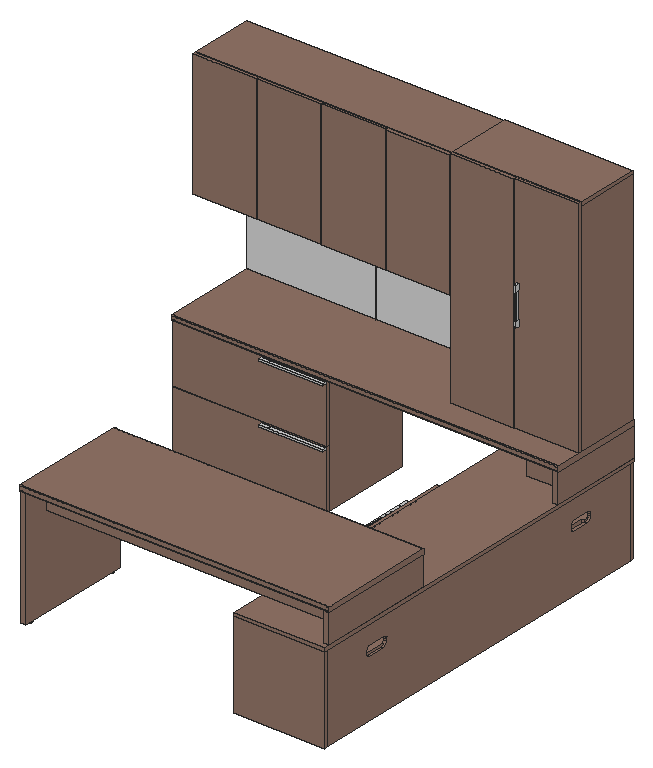
Revit family "FLV016", category Furniture, Revit 2015 (continued)
Definition of nested family "JSI-Flux- 21H_File_Strg_Crednz"
  Forms (in)
    Extrusion 18, void
      sketch origin (0, 0, 0) x (1, 0, 0) y (0, 0, 1)
        loop
          line (-43.06413, 15.125) -> (-43.06413, 14.625)
          arc (-43.06413, 14.625) -> (-42.77124, 13.91789) -> (-42.06413, 13.625) r 1
          line (-42.06413, 13.625) -> (-38.06413, 13.625)
          arc (-38.06413, 13.625) -> (-37.35703, 13.91789) -> (-37.06413, 14.625) r 1
          line (-37.06413, 14.625) -> (-37.06413, 15.125)
          arc (-37.06413, 15.125) -> (-37.35703, 15.83211) -> (-38.06413, 16.125) r 1
          line (-38.06413, 16.125) -> (-42.06413, 16.125)
      from -10.75 to -9.875
    Extrusion 19, solid, material <- "Door Front", visible <- "C_Doors"
      sketch origin (0, 0, 0) x (1, 0, 0) y (0, 1, 0)
        loop
          line (-3.4808, -10.375) -> (-3.4808, -11.125) -> (27.35253, -11.125) -> (27.35253, -10.375) -> (-3.4808, -10.375)
      from 0.4375 to 14
    Extrusion 20, solid, material <- "Door Front", visible <- "C_Doors"
      sketch origin (0, 0, 0) x (1, 0, 0) y (0, 1, 0)
        loop
          line (-3.4808, -10.375) -> (-3.4808, -11.125) -> (27.35253, -11.125) -> (27.35253, -10.375) -> (-3.4808, -10.375)
      from 14.125 to 21.125
    Extrusion 21, solid, material <- "Door Front", visible <- "Door"
      sketch origin (0, 0, 0) x (1, 0, 0) y (0, 0, 1)
        loop
          line (-35.93913, 14) -> (-35.93913, 0.4375) -> (-3.6058, 0.4375) -> (-3.6058, 14) -> (-35.93913, 14)
      from 10.375 to 11.125
    Extrusion 22, solid, material <- "Door Front", visible <- "Top Doors"
      sketch origin (0, 0, -6.5625) x (1, 0, 0) y (0, 0, 1)
        loop
          line (-35.93913, 27.6875) -> (-35.93913, 20.6875) -> (-3.6058, 20.6875) -> (-3.6058, 27.6875) -> (-35.93913, 27.6875)
      from 10.375 to 11.125
    Extrusion 23, solid, material <- "Door Front", visible <- "Door"
      sketch origin (63.41667, 0, 0) x (1, 0, 0) y (0, 0, 1)
        loop
          line (-35.93913, 14) -> (-35.93913, 0.4375) -> (-3.6058, 0.4375) -> (-3.6058, 14) -> (-35.93913, 14)
      from 10.375 to 11.125
    Extrusion 24, solid, material <- "Door Front", visible <- "Top Doors"
      sketch origin (63.41667, 0, -6.5625) x (1, 0, 0) y (0, 0, 1)
        loop
          line (-35.93913, 27.6875) -> (-35.93913, 20.6875) -> (-3.6058, 20.6875) -> (-3.6058, 27.6875) -> (-35.93913, 27.6875)
      from 10.375 to 11.125
    Extrusion 25, solid, material <- "Worksurface"
      sketch origin (0, 0, 0) x (0, 1, 0) y (0, 0, 1)
        loop
          line (10.75, 21.25) -> (-10.375, 21.25) -> (-10.375, 20.5) -> (10.75, 20.5) -> (10.75, 21.25)
      from -36.06413 to 59.93587
    Extrusion 26, solid, material <- "Shelf", visible <- "Ext_Shelf"
      sketch origin (0, 0, 0) x (1, 0, 0) y (0, 1, 0)
        loop
          line (59.12337, 9.875) -> (27.41503, 9.875) -> (27.41503, -8.125) -> (59.12337, -8.125) -> (59.12337, 9.875)
      from 13.25 to 14
    Extrusion 27, solid, material <- "Glides"
      sketch origin (0, 0, 0) x (1, 0, 0) y (0, 1, 0)
        loop
          circle (-34.25163, 8.6875) r 0.5
      from 0 to 0.3125
    Extrusion 28, solid, material <- "Glides", visible <- "Glide"
      sketch origin (0, 0, 0) x (1, 0, 0) y (0, 1, 0)
        loop
          circle (-3.5433, 8.6875) r 0.5
      from 0 to 0.3125
    Extrusion 29, solid, material <- "Glides", visible <- "Glide"
      sketch origin (0, 0, 0) x (1, 0, 0) y (0, 1, 0)
        loop
          circle (27.47753, 8.6875) r 0.5
      from 0 to 0.3125
    Extrusion 30, solid, material <- "Glides"
      sketch origin (0, 0, 0) x (1, 0, 0) y (0, 1, 0)
        loop
          circle (58.12337, 8.6875) r 0.5
      from 0 to 0.3125
    Extrusion 31, solid, material <- "Glides"
      sketch origin (0, 0, 0) x (1, 0, 0) y (0, 1, 0)
        loop
          circle (-34.25163, -9.375) r 0.5
      from 0 to 0.3125
    Extrusion 32, solid, material <- "Glides", visible <- "Glide"
      sketch origin (0, 0, 0) x (1, 0, 0) y (0, 1, 0)
        loop
          circle (-3.5433, -9.375) r 0.5
      from 0 to 0.3125
    Extrusion 33, solid, material <- "Glides", visible <- "Glide"
      sketch origin (0, 0, 0) x (1, 0, 0) y (0, 1, 0)
        loop
          circle (27.47753, -9.375) r 0.5
      from 0 to 0.3125
    Extrusion 34, solid, material <- "Glides"
      sketch origin (0, 0, 0) x (1, 0, 0) y (0, 1, 0)
        loop
          circle (58.12337, -9.375) r 0.5
      from 0 to 0.3125
  Cuts and joins
    Extrusion 14, Extrusion 18 cuts Extrusion 11
    Extrusion 16, Extrusion 17 cuts Extrusion 10
    Extrusion 16, Extrusion 17 cuts Extrusion 15
  Lines and regions (in)
    symbolic lines
      curve 1: line (59.93587, 10.75, 0) -> (-36.06413, 10.75, 0)
      curve 2: line (-36.06413, 10.75, 0) -> (-36.06413, -11.25, 0)
      curve 3: line (59.93587, -11.25, 0) -> (-36.06413, -11.25, 0)
      curve 4: line (59.93587, 10.75, 0) -> (59.93587, -11.25, 0)
    symbolic lines, detail levels medium+fine
      curve 5: line (-36.00163, 10.6875, 0) -> (-36.00163, -10.375, 0)
      curve 6: line (-35.25163, 10.6875, 0) -> (-36.00163, 10.6875, 0)
      curve 7: line (-35.25163, 10.6875, 0) -> (-35.25163, -10.375, 0)
      curve 8: line (-35.25163, -10.375, 0) -> (-36.00163, -10.375, 0)
      curve 9: line (59.12337, 10.6875, 0) -> (59.12337, -10.375, 0)
      curve 10: line (59.87337, 10.6875, 0) -> (59.87337, -10.375, 0)
      curve 11: line (59.87337, 10.6875, 0) -> (59.12337, 10.6875, 0)
      curve 12: line (59.12337, 10.625, 0) -> (-35.25163, 10.625, 0)
      curve 13: line (59.12337, 9.875, 0) -> (-35.25163, 9.875, 0)
      curve 30: line (59.87337, -10.375, 0) -> (59.12337, -10.375, 0)
    symbolic lines, visible <- "L1_Partition", detail levels medium+fine
      curve 14: line (-4.2933, 9.875, 0) -> (-4.2933, -10.375, 0)
      curve 15: line (-3.5433, 9.875, 0) -> (-3.5433, -10.375, 0)
      curve 16: line (-3.5433, 9.875, 0) -> (-4.2933, 9.875, 0)
      curve 17: line (-3.5433, -10.375, 0) -> (-4.2933, -10.375, 0)
    symbolic lines, visible <- "L2_Partition", detail levels medium+fine
      curve 18: line (-3.5433, 9.875, 0) -> (-3.5433, -10.375, 0)
      curve 19: line (-2.7933, 9.875, 0) -> (-2.7933, -10.375, 0)
      curve 20: line (-2.7933, 9.875, 0) -> (-3.5433, 9.875, 0)
      curve 21: line (-2.7933, -10.375, 0) -> (-3.5433, -10.375, 0)
    symbolic lines, visible <- "R1_Partition", detail levels medium+fine
      curve 22: line (26.66503, 9.875, 0) -> (26.66503, -10.375, 0)
      curve 23: line (27.41503, 9.875, 0) -> (27.41503, -10.375, 0)
      curve 24: line (27.41503, 9.875, 0) -> (26.66503, 9.875, 0)
      curve 25: line (27.41503, -10.375, 0) -> (26.66503, -10.375, 0)
    symbolic lines, visible <- "R2_Partition", detail levels medium+fine
      curve 26: line (27.41503, 9.875, 0) -> (27.41503, -10.375, 0)
      curve 27: line (28.16503, 9.875, 0) -> (28.16503, -10.375, 0)
      curve 28: line (28.16503, -10.375, 0) -> (27.41503, -10.375, 0)
      curve 29: line (28.16503, 9.875, 0) -> (27.41503, 9.875, 0)
  Dimensions and locks (in)
    plane 2 "Center (Left/Right)" to plane 5 to plane 49 = 0' - 0 1/16" locked, 0' - 0 1/16" locked
    plane 50 to plane 7 to plane 4 = 0' - 0 1/16" locked, 0' - 0 1/16" locked
    "Width": plane 2 "Center (Left/Right)" to plane 4
    equal spacing: plane 2 "Center (Left/Right)", plane 8, plane 4
    plane 14 to plane 13 to plane 9 to plane 6 to plane 3 "Center (Front/Back)" = 0' - 1 3/16" locked, 0' - 0 3/4" locked, 0' - 0 1/16" locked, 0' - 0 1/16" locked
    "Depth": plane 10 to plane 3 "Center (Front/Back)"
    plane 10 to plane 11 to plane 12 = 0' - 0 1/8" locked, 0' - 0 3/4" locked
    plane 16 to plane 15 to plane 13 = 0' - 0 1/2" locked, 0' - 3 3/8" locked
    locked: plane 17 to plane 13 at 4
    locked: plane 12 to plane 18 at 4
    locked: plane 12 to plane 19 at 2.25
    locked: plane 23 to plane 24 at 0.75
    plane 24 to plane 25 to plane 26 = 0' - 0 3/4" locked, 0' - 2" locked
    locked: plane 22 to plane 21 at 0.75
    locked: plane 28 to plane 29 at 0.75
    plane 30 to plane 32 to plane 51 = 0' - 0 3/4" locked, 0' - 0 3/4" locked
    plane 52 to plane 33 to plane 31 = 0' - 0 3/4" locked, 0' - 0 3/4" locked
    locked: plane 5 to plane 34 at 0.75
    locked: plane 35 to plane 7 at 0.75
    locked: plane 36 to plane 37 at 4
    equal spacing: plane 36, plane 8, plane 37
    locked: plane 38 to plane 13 at 1.4375
    locked: plane 39 to plane 27 at 2.5
    locked: plane 40 to plane 41 at 6
    locked: plane 42 to plane 43 at 6
    equal spacing: plane 42, plane 8, plane 43
    plane 45 to plane 44 to plane 13 = 0' - 2 1/2" locked, 0' - 0 1/2" locked
    locked: plane 47 to plane 20 at 0.125
    locked: plane 48 to plane 47 at 13.5625
    plane 53 to plane 32 to plane 54 = 0' - 0 1/16" locked, 0' - 0 1/16" locked
    plane 55 to plane 33 to plane 56 = 0' - 0 1/16" locked, 0' - 0 1/16" locked
    "Partition Dist": plane 34 to plane 30
    "Partition Dist": plane 31 to plane 35
    Extrusion 14 sketch curve to Extrusion 14 sketch curve = 0' - 6"
    "Shelf Width": plane 57 to plane 58
    group 1 to group 2 = 0' - 0"  (x3)
    "Shelf Array Dist": Extrusion 10 to Extrusion 15
    "Shelf Dist.": plane 2 "Center (Left/Right)" to Extrusion 10
    locked: plane 40 to plane 59 at 1
    locked: plane 60 to plane 41 at 1
    locked: plane 61 to plane 62 at 6
    locked: plane 61 to plane 63 at 1
    locked: plane 64 to plane 62 at 1
    "L_Socket Dist": plane 2 "Center (Left/Right)" to plane 40
    "R_Shocket Dist": plane 62 to plane 4
    "Shelf Width": Extrusion 10 sketch curve to Extrusion 10 sketch curve
    "Shelf Width": Extrusion 15 sketch curve to Extrusion 15 sketch curve
    "Door Height": Extrusion 21 sketch curve to Extrusion 21 sketch curve
    "Door Width": Extrusion 21 sketch curve to Extrusion 21 sketch curve
    "Door Width": Extrusion 22 sketch curve to Extrusion 22 sketch curve
    "Door Height": Extrusion 23 sketch curve to Extrusion 23 sketch curve
    "Door Width": Extrusion 23 sketch curve to Extrusion 23 sketch curve
    group 3 to group 4 = 5' - 3.41667"
    group 3 to group 4 = 0' - 0"  (x2)
    "Door Array Dist": Extrusion 21 to Extrusion 23
    "Door Dist": Extrusion 21 to plane 2 "Center (Left/Right)"
    "Door Width": Extrusion 24 sketch curve to Extrusion 24 sketch curve
    group 5 to group 6 = 5' - 3.41667"
    group 5 to group 6 = 0' - 0"  (x2)
    "Door Array Dist": Extrusion 22 to Extrusion 24
    "Door Dist": Extrusion 22 to plane 2 "Center (Left/Right)"
    locked: plane 49 to plane 65 at 1
    locked: plane 66 to plane 35 at 1
    locked: plane 12 to plane 67 at 1
    locked: plane 48 to plane 69 at 0.20312
    locked: plane 46 to plane 68 at 0.20313
    "L_Pull Dist": plane 2 "Center (Left/Right)" to plane 70
    "C_Pull Dist": plane 2 "Center (Left/Right)" to plane 71
    "R_Pull Dist": plane 2 "Center (Left/Right)" to plane 72
    equal spacing: plane 2 "Center (Left/Right)", plane 73, plane 4
    equal spacing: plane 12, plane 74, plane 6
    equal spacing: plane 2 "Center (Left/Right)", plane 75, plane 4
    locked: plane 21 to plane 20 at 1.1875
    "Ext_Shelf Width": Extrusion 26 sketch curve to Extrusion 26 sketch curve
    locked: plane 76 to plane 1 at 0.3125
    locked: plane 23 to plane 46 at 0.125
    locked: plane 46 to plane 77 at 7
    locked: plane 26 to plane 39 at 1.625
    "Height": plane 23 to plane 1
    locked: plane 34 to plane 78 at 1
    radius of Extrusion 27 sketch curve = 0' - 0 1/2"
    radius of Extrusion 28 sketch curve = 0' - 0 1/2"
    radius of Extrusion 29 sketch curve = 0' - 0 1/2"
    radius of Extrusion 30 sketch curve = 0' - 0 1/2"
    radius of Extrusion 31 sketch curve = 0' - 0 1/2"
    radius of Extrusion 32 sketch curve = 0' - 0 1/2"
    radius of Extrusion 33 sketch curve = 0' - 0 1/2"
    radius of Extrusion 34 sketch curve = 0' - 0 1/2"
    aligned and locked: level to plane 1
    aligned and locked: Extrusion 1 sketch curve to plane 5
    aligned and locked: Extrusion 1 sketch curve to plane 6
    aligned and locked: Extrusion 1 sketch curve to plane 34
    aligned and locked: Extrusion 1 sketch curve to plane 12
    aligned and locked: Extrusion 2 sketch curve to plane 35
    aligned and locked: Extrusion 2 sketch curve to plane 7
    aligned and locked: Extrusion 2 sketch curve to plane 6
    aligned and locked: Extrusion 2 sketch curve to plane 12
    aligned and locked: plane 24 to Extrusion 1
    aligned and locked: Extrusion 1 to plane 20
    aligned and locked: plane 24 to Extrusion 2
    aligned and locked: Extrusion 2 to plane 20
    aligned and locked: plane 25 to Extrusion 3 sketch curve
    aligned and locked: plane 24 to Extrusion 3 sketch curve
    aligned and locked: plane 16 to Extrusion 3 sketch curve
    aligned and locked: plane 12 to Extrusion 3 sketch curve
    aligned and locked: Extrusion 3 to plane 34
    aligned and locked: plane 35 to Extrusion 3
    aligned and locked: plane 22 to Extrusion 4 sketch curve
    aligned and locked: plane 21 to Extrusion 4 sketch curve
    aligned and locked: plane 13 to Extrusion 4 sketch curve
    aligned and locked: plane 12 to Extrusion 4 sketch curve
    aligned and locked: Extrusion 4 to plane 34
    aligned and locked: plane 35 to Extrusion 4
    aligned and locked: plane 25 to Extrusion 5 sketch curve
    aligned and locked: plane 15 to Extrusion 5 sketch curve
    aligned and locked: plane 26 to Extrusion 5 sketch curve
    aligned and locked: plane 13 to Extrusion 5 sketch curve
    aligned and locked: plane 22 to Extrusion 5 sketch curve
    aligned and locked: plane 12 to Extrusion 5 sketch curve
    aligned and locked: Extrusion 5 to plane 30
    aligned and locked: plane 32 to Extrusion 5
    aligned and locked: plane 25 to Extrusion 6 sketch curve
    aligned and locked: plane 12 to Extrusion 6 sketch curve
    aligned and locked: plane 15 to Extrusion 6 sketch curve
    aligned and locked: plane 26 to Extrusion 6 sketch curve
    aligned and locked: plane 13 to Extrusion 6 sketch curve
    aligned and locked: plane 22 to Extrusion 6 sketch curve
    aligned and locked: plane 31 to Extrusion 6
    aligned and locked: Extrusion 6 to plane 33
    aligned and locked: plane 14 to Extrusion 7 sketch curve
    aligned and locked: plane 13 to Extrusion 7 sketch curve
    aligned and locked: plane 24 to Extrusion 7 sketch curve
    aligned and locked: plane 26 to Extrusion 7 sketch curve
    aligned and locked: Extrusion 7 to plane 34
    aligned and locked: plane 35 to Extrusion 7
    aligned and locked: plane 13 to Extrusion 8 sketch curve
    aligned and locked: plane 17 to Extrusion 8 sketch curve
    aligned and locked: plane 20 to Extrusion 8 sketch curve
    aligned and locked: plane 21 to Extrusion 8 sketch curve
    aligned and locked: plane 18 to Extrusion 9 sketch curve
    aligned and locked: plane 12 to Extrusion 9 sketch curve
    aligned and locked: plane 21 to Extrusion 9 sketch curve
    aligned and locked: plane 20 to Extrusion 9 sketch curve
    aligned and locked: Extrusion 8 to plane 34
    aligned and locked: Extrusion 9 to plane 34
    aligned and locked: plane 35 to Extrusion 8
    aligned and locked: plane 35 to Extrusion 9
    aligned and locked: plane 28 to Extrusion 10
    aligned and locked: Extrusion 11 sketch curve to plane 9
    aligned and locked: Extrusion 11 sketch curve to plane 13
    aligned and locked: Extrusion 11 sketch curve to plane 34
    aligned and locked: Extrusion 11 sketch curve to plane 35
    aligned and locked: Extrusion 11 to plane 20
    aligned and locked: plane 24 to Extrusion 11
    aligned and locked: plane 25 to Extrusion 12 sketch curve
    aligned and locked: plane 12 to Extrusion 12 sketch curve
    aligned and locked: plane 13 to Extrusion 12 sketch curve
    aligned and locked: plane 22 to Extrusion 12 sketch curve
    aligned and locked: plane 15 to Extrusion 12 sketch curve
    aligned and locked: plane 26 to Extrusion 12 sketch curve
    aligned and locked: Extrusion 12 to plane 32
    aligned and locked: plane 51 to Extrusion 12
    aligned and locked: plane 25 to Extrusion 13 sketch curve
    aligned and locked: plane 12 to Extrusion 13 sketch curve
    aligned and locked: plane 13 to Extrusion 13 sketch curve
    aligned and locked: plane 22 to Extrusion 13 sketch curve
    aligned and locked: plane 15 to Extrusion 13 sketch curve
    aligned and locked: plane 26 to Extrusion 13 sketch curve
    aligned and locked: plane 33 to Extrusion 13
    aligned and locked: Extrusion 13 to plane 52
    aligned and locked: Extrusion 14 to plane 3 "Center (Front/Back)"
    aligned and locked: plane 13 to Extrusion 14
    aligned and locked: cut or joined group of Extrusion 11, Extrusion 14, Extrusion 18 to plane 40
    aligned and locked: plane 41 to cut or joined group of Extrusion 11, Extrusion 14, Extrusion 18
    aligned and locked: Extrusion 16 sketch curve to plane 3 "Center (Front/Back)"
    aligned and locked: Extrusion 16 sketch curve to plane 44
    aligned and locked: Extrusion 16 sketch curve to plane 59
    aligned and locked: Extrusion 16 sketch curve to plane 60
    aligned and locked: plane 28 to Extrusion 16
    aligned and locked: Extrusion 16 to plane 29
    aligned and locked: Extrusion 17 sketch curve to plane 63
    aligned and locked: Extrusion 17 sketch curve to plane 64
    aligned and locked: Extrusion 17 sketch curve to plane 3 "Center (Front/Back)"
    aligned and locked: Extrusion 17 sketch curve to plane 44
    aligned and locked: Extrusion 18 sketch curve to plane 39
    aligned and locked: Extrusion 18 sketch curve to plane 27
    aligned and locked: Extrusion 18 sketch curve to plane 61
    aligned and locked: Extrusion 18 sketch curve to plane 62
    aligned and locked: Extrusion 18 to plane 3 "Center (Front/Back)"
    aligned and locked: plane 13 to Extrusion 18
    aligned and locked: Extrusion 19 sketch curve to plane 54
    aligned and locked: Extrusion 19 sketch curve to plane 55
    aligned and locked: Extrusion 19 sketch curve to plane 12
    aligned and locked: Extrusion 19 sketch curve to plane 11
    aligned and locked: Extrusion 20 sketch curve to plane 54
    aligned and locked: Extrusion 20 sketch curve to plane 55
    aligned and locked: Extrusion 20 sketch curve to plane 12
    aligned and locked: Extrusion 20 sketch curve to plane 11
    aligned and locked: plane 46 to Extrusion 20
    aligned and locked: Extrusion 19 to plane 47
    aligned and locked: Extrusion 22 to plane 12
    aligned and locked: Extrusion 21 to plane 12
    aligned and locked: plane 11 to Extrusion 22
    aligned and locked: plane 11 to Extrusion 21
    aligned and locked: plane 46 to Extrusion 22
    aligned and locked: plane 46 to Extrusion 24
    aligned and locked: Extrusion 21 to plane 47  (x3)
    aligned and locked: plane 3 "Center (Front/Back)" to Extrusion 25 sketch curve
    aligned and locked: plane 23 to Extrusion 25 sketch curve
    aligned and locked: plane 24 to Extrusion 25 sketch curve
    aligned and locked: Extrusion 25 to plane 2 "Center (Left/Right)"
    aligned and locked: plane 4 to Extrusion 25
    aligned and locked: curve 1 to plane 3 "Center (Front/Back)"
    aligned and locked: curve 2 to plane 2 "Center (Left/Right)"
    aligned and locked: curve 3 to plane 10
    aligned and locked: curve 4 to plane 4
    aligned and locked: plane 68 to nested 1
    aligned and locked: plane 70 to nested 1
    aligned and locked: plane 69 to nested 2
    aligned and locked: plane 70 to nested 2
    aligned and locked: plane 71 to nested 3
    aligned and locked: plane 71 to nested 4
    aligned and locked: plane 69 to nested 4
    aligned and locked: plane 68 to nested 3
    aligned and locked: nested 5 to plane 72
    aligned and locked: nested 6 to plane 72
    aligned and locked: plane 69 to nested 6
    aligned and locked: plane 68 to nested 5
    aligned and locked: plane 11 to nested 1
    aligned and locked: plane 11 to nested 3
    aligned and locked: plane 11 to nested 5
    aligned and locked: plane 11 to nested 2
    aligned and locked: plane 11 to nested 4
    aligned and locked: plane 11 to nested 6
    aligned and locked: plane 10 to nested 7
    aligned and locked: plane 73 to nested 7
    aligned and locked: curve 5 to plane 5
    aligned and locked: curve 6 to plane 6
    aligned and locked: curve 7 to plane 34
    aligned and locked: curve 8 to plane 12
    aligned and locked: curve 9 to plane 35
    aligned and locked: curve 10 to plane 7
    aligned and locked: curve 11 to plane 6
    aligned and locked: plane 34 to curve 12
    aligned and locked: plane 35 to curve 12
    aligned and locked: plane 35 to curve 13
    aligned and locked: curve 14 to plane 30
    aligned and locked: curve 15 to plane 32
    aligned and locked: curve 16 to plane 13
    aligned and locked: curve 17 to plane 12
    aligned and locked: curve 19 to plane 51
    aligned and locked: curve 20 to plane 13
    aligned and locked: curve 21 to plane 12
    aligned and locked: curve 22 to plane 52
    aligned and locked: curve 24 to plane 13
    aligned and locked: curve 25 to plane 12
    aligned and locked: curve 26 to plane 33
    aligned and locked: curve 27 to plane 31
    aligned and locked: curve 28 to plane 12
    aligned and locked: curve 29 to plane 13
    aligned and locked: plane 48 to Extrusion 19
    aligned and locked: Extrusion 23 to plane 47  (x2)
    aligned and locked: plane 28 to Extrusion 15
    aligned and locked: plane 28 to plane 48
    aligned and locked: plane 28 to Extrusion 17
    aligned and locked: Extrusion 17 to plane 29
    aligned and locked: Extrusion 26 sketch curve to plane 13
    aligned and locked: Extrusion 26 sketch curve to plane 35
    aligned and locked: Extrusion 26 sketch curve to plane 19
    aligned and locked: plane 48 to Extrusion 26
    aligned and locked: Extrusion 26 to plane 29
    aligned and locked: Extrusion 22 to plane 77
    aligned and locked: Extrusion 20 to plane 77
    aligned and locked: plane 12 to Extrusion 25 sketch curve
    aligned and locked: Extrusion 27 to plane 1
    aligned and locked: Extrusion 31 to plane 1
    aligned and locked: plane 76 to Extrusion 27
    aligned and locked: plane 76 to Extrusion 31
    aligned and locked: Extrusion 28 to plane 1
    aligned and locked: Extrusion 32 to plane 1
    aligned and locked: plane 76 to Extrusion 28
    aligned and locked: plane 76 to Extrusion 32
    aligned and locked: Extrusion 29 to plane 1
    aligned and locked: Extrusion 33 to plane 1
    aligned and locked: plane 76 to Extrusion 29
    aligned and locked: plane 76 to Extrusion 33
    aligned and locked: plane 1 to Extrusion 30
    aligned and locked: plane 1 to Extrusion 34
    aligned and locked: plane 20 to Extrusion 30
    aligned and locked: plane 20 to Extrusion 34
    aligned and locked: curve 30 to plane 12
  Automatic sketch dimensions
    Extrusion 5 sketch curve to plane 45 = 0' - 0 1/8"
    Extrusion 6 sketch curve to plane 45 = 0' - 0 1/8"
    Extrusion 12 sketch curve to plane 45 = 0' - 0 1/8"
    Extrusion 13 sketch curve to plane 45 = 0' - 0 1/8"
    plane 13 to Extrusion 16 sketch curve = 0' - 0"  (x2)
    plane 13 to Extrusion 17 sketch curve = 0' - 0"  (x2)
    Extrusion 18 sketch curve to plane 63 = 0' - 0"  (x2)
    Extrusion 18 sketch curve to plane 64 = 0' - 0"  (x2)
    Extrusion 14 sketch curve to plane 40 = 0' - 0"
    Extrusion 14 sketch curve to plane 27 = 0' - 0"
    Extrusion 14 sketch curve to plane 59 = 0' - 0"  (x2)
    Extrusion 14 sketch curve to plane 39 = 0' - 0"
    Extrusion 14 sketch curve to plane 60 = 0' - 0"  (x2)
    Extrusion 10 sketch curve to Extrusion 10 sketch curve = 1' - 6"
    Extrusion 15 sketch curve to Extrusion 15 sketch curve = 1' - 6"
    plane 13 to curve 13 = 0' - 0"
    plane 9 to curve 12 = 0' - 0"
    Extrusion 22 sketch curve to Extrusion 22 sketch curve = 0' - 7"
    Extrusion 24 sketch curve to Extrusion 24 sketch curve = 0' - 7"
    plane 14 to Extrusion 27 sketch curve = 0' - 0"
    Extrusion 27 sketch curve to plane 78 = 0' - 0"
    plane 14 to Extrusion 28 sketch curve = 0' - 0"
    Extrusion 28 sketch curve to plane 32 = 0' - 0"
    plane 14 to Extrusion 29 sketch curve = 0' - 0"
    Extrusion 29 sketch curve to plane 56 = 0' - 0"
    plane 14 to Extrusion 30 sketch curve = 0' - 0"
    Extrusion 30 sketch curve to plane 66 = 0' - 0"
    plane 67 to Extrusion 31 sketch curve = 0' - 0"
    Extrusion 31 sketch curve to plane 78 = 0' - 0"
    Extrusion 32 sketch curve to plane 32 = 0' - 0"
    plane 67 to Extrusion 32 sketch curve = 0' - 0"
    Extrusion 33 sketch curve to plane 56 = 0' - 0"
    plane 67 to Extrusion 33 sketch curve = 0' - 0"
    Extrusion 34 sketch curve to plane 66 = 0' - 0"
    plane 67 to Extrusion 34 sketch curve = 0' - 0"
  Nested families (in)
    nested 1: "Bar Pull C_Long" at (-14.35519, -11.125, 20.92187), visible <- "L_Pull", Pull Finish <- "Pull Finish", Pull Lines <- "L_Pull", type "PL"
      with Pull Lines yes, Pull Finish none
    nested 2: "Bar Pull C_Long" at (-14.35519, -11.125, 13.79688), Pull Finish <- "Pull Finish", visible <- "L_Pull_Bottom", Pull Lines <- "L_Pull_Bottom", type "PL"
      with Pull Lines yes, Pull Finish none
    nested 3: "Bar Pull C_Long" at (8.69374, -11.125, 20.92187), visible <- "C_Pull", Pull Finish <- "Pull Finish", Pull Lines <- "C_Pull", type "PL"
      with Pull Lines yes, Pull Finish none
    nested 4: "Bar Pull C_Long" at (8.69374, -11.125, 13.79688), Pull Finish <- "Pull Finish", Pull Lines <- "C_Pull_Bottom", visible <- "C_Pull_Bottom", type "PL"
      with Pull Lines yes, Pull Finish none
    nested 5: "Bar Pull C_Long" at (31.74267, -11.125, 20.92187), visible <- "R_Pull", Pull Finish <- "Pull Finish", Pull Lines <- "R_Pull", type "PL"
      with Pull Lines yes, Pull Finish none
    nested 6: "Bar Pull C_Long" at (31.74267, -11.125, 13.79688), Pull Finish <- "Pull Finish", Pull Lines <- "R_Pull_Bottom", visible <- "R_Pull_Bottom", type "PL"
      with Pull Lines yes, Pull Finish none
    nested 7: "Label 1-16" at (11.93587, -11.25, 0), type "DRWCFG"
  Definition of nested family "Bar Pull C_Long"
    Parameters
      Stud = Long Pull Width / 7  # 0' - 2.12261"
      Pull Lines [instance] = yes
      Long Pull Width = 1' - 2.85827"
      Pull Finish [instance] = none
    Reference planes (in)
      plane 1 "Center Front/Back": y = 0
      plane 2: z = 0
      plane 3 "Center Left/Right": x = 3.24213
      plane 4: y = -0.125
    Forms (in)
      Extrusion 1, solid, material <- "Pull Finish"
        sketch origin (0, 0, 0) x (1, 0, 0) y (0, 1, 0)
          loop
            line (-4.18701, 0) -> (-4.18701, -0.85113)
            arc (-4.18701, -0.85113) -> (-4.15955, -0.91742) -> (-4.09326, -0.94488) r 0.09375
            line (-4.09326, -0.94488) -> (10.59252, -0.94488)
            arc (10.59252, -0.94488) -> (10.6482, -0.92182) -> (10.67126, -0.86614) r 0.07874
            line (10.67126, -0.86614) -> (10.67126, 0) -> (8.54865, 0) -> (8.54865, -0.70177)
            arc (8.54865, -0.70177) -> (8.51204, -0.79016) -> (8.42365, -0.82677) r 0.125
            line (8.42365, -0.82677) -> (-1.9394, -0.82677)
            arc (-1.9394, -0.82677) -> (-2.02779, -0.79016) -> (-2.0644, -0.70177) r 0.125
            line (-2.0644, -0.70177) -> (-2.0644, 0) -> (-4.18701, 0)
        from -0.43307 to -0.11811
      Extrusion 2, solid, material <- "Pull Finish"
        sketch origin (0, 0, 0) x (1, 0, 0) y (0, 1, 0)
          loop
            line (-4.18701, 0) -> (-4.18701, -0.85113)
            arc (-4.18701, -0.85113) -> (-4.15955, -0.91742) -> (-4.09326, -0.94488) r 0.09375
            line (-4.09326, -0.94488) -> (10.59252, -0.94488)
            arc (10.59252, -0.94488) -> (10.6482, -0.92182) -> (10.67126, -0.86614) r 0.07874
            line (10.67126, -0.86614) -> (10.67126, 0) -> (-4.18701, 0)
        from 0 to -0.11811
    Cuts and joins
      joined: Extrusion 1, Extrusion 2
    Lines and regions (in)
      symbolic lines, visible <- "Pull Lines"
        curve 1: line (-4.18701, -0.125, 0) -> (-4.18701, -0.85113, 0)
        curve 2: line (-4.09326, -0.94488, 0) -> (10.59252, -0.94488, 0)
        curve 3: line (10.67126, -0.86614, 0) -> (10.67126, -0.125, 0)
        curve 4: arc (10.59252, -0.94488, 0) -> (10.6482, -0.92182, 0) -> (10.67126, -0.86614, 0) r 0.07874
        curve 5: arc (-4.18701, -0.85113, 0) -> (-4.15955, -0.91742, 0) -> (-4.09326, -0.94488, 0) r 0.09375
    Dimensions and locks (in)
      equal spacing: Extrusion 1 sketch curve, plane 3 "Center Left/Right", Extrusion 1 sketch curve
      "Stud": Extrusion 1 sketch curve to Extrusion 1 sketch curve  (x2)
      "Long Pull Width": Extrusion 1 sketch curve to Extrusion 1 sketch curve
      locked: plane 4 to plane 1 "Center Front/Back" at 0.125
      aligned and locked: level to plane 2
      aligned and locked: Extrusion 2 sketch curve to Extrusion 1  (x2)
      aligned and locked: cut or joined group of Extrusion 1, Extrusion 2 to curve 1
      aligned and locked: curve 4 to cut or joined group of Extrusion 1, Extrusion 2
      aligned and locked: curve 5 to cut or joined group of Extrusion 1, Extrusion 2
      aligned and locked: plane 4 to curve 1
      aligned and locked: plane 4 to curve 3
    Automatic sketch dimensions
      plane 1 "Center Front/Back" to Extrusion 2 sketch curve = 0' - 0"
      plane 1 "Center Front/Back" to Extrusion 1 sketch curve = 0' - 0"  (x2)
      Extrusion 1 sketch curve to Extrusion 1 sketch curve = 0' - 0 3/32"
      Extrusion 1 sketch curve to Extrusion 1 sketch curve = 0' - 0 1/8"  (x2)
      Extrusion 1 sketch curve to Extrusion 1 sketch curve = 0' - 0.07874"
      plane 4 to Extrusion 1 sketch curve = 0' - 0.57677"
      plane 4 to Extrusion 1 sketch curve = 0' - 0.72613"
  Definition of nested family "Label 1-16"
    Parameters
      Model Name = "LOW DOOR"
    Reference planes (in)
      plane 1: y = 0
      plane 2: x = 0
    Text (in)
      label "XX" at (0.00051, -0.12324, 0), shows "Model Name"
Definition of nested family "JSI-Flux-Strg_Tower"
  Parameters (values of type "Type Catalog - Strg Tower")
    WB_Shelf_Width = 1' - 0"
    WB_Shelf_Height = Shelf Dist  # 1' - 0 13/16"
    WB_Shelf_Dist = if(Width > 2' 4", (if(L, 0' 9 3/4", (Width - 1' 9 3/4"))), 0' 0 3/4")  # 0' - 9 3/4"
    WB = no
    Top Width = Width  # 2' - 11 7/8"
    Top Dist = 0' - 0"
    Top = none
    Width = 2' - 11 7/8"
    URL = "www.jsifurniture.com"
    Type Comments = ""
    TAG = if(Width > 2' 4", (if(Doors, (if(SL, (if(L, "Open - 1 Doors", "1 Door - 1 Open")), "2 Doors")), "Open")), (if(Doors, "1 Door", "Open")))  # "2 Doors"
    Shelf_H_Dist = if(WB, (if(L, 0' 0 3/4", (Width - 0' 9"))), 0' 0 3/4")  # 0' - 0 3/4"
    Shelf Width = if(WB, 0' 8 1/4", Width - 0' 1 1/2")  # 2' - 10 3/8"
    Shelf Dist = ((Height - (0' 0 3/4" * (# of Shelf + 2))) / (# of Shelf + 1)) + 0' 0 3/4"  # 1' - 0 13/16"
    Shelf Array Dist = ((Height - (0' 0 3/4" * (# of Shelf + 2))) / (# of Shelf + 1)) + 0' 0 3/4"  # 1' - 0 13/16"
    Shelf = none
    Series = "FLUX"  # constant formula
    SL = no
    Right Pull = yes
    Pull Height = if(SL, 1' 0", Height / 2)  # 2' - 2"
    Pull Finish = none
    Pull Distance = if(SL, (if(L, (Width - 0' 0 7/8"), 0' 0 7/8")), (Door Width + 0' 0 43/64"))  # 1' - 6 35/64"
    Part_R_V_Dist = if(WB, (if(L, 0' 0 3/4", 0' 0")), 0' 0")  # 0' - 0"
    Part_R_Dist = if(WB, (if(L, 0' 9", Width - 0' 0 3/4")), Width - 0' 0 3/4")  # 2' - 11 1/8"
    Part_L_V_Dist = if(WB, (if(L, 0' 0", 0' 0 3/4")), 0' 0")  # 0' - 0"
    Part_L_Dist = if(WB, (if(L, 0' 0", Width - 0' 9 3/4")), 0' 0")  # 0' - 0"
    Part Depth_R = if(WB, (if(L, 0' 0 13/16", 0' 0")), 0' 0")  # 0' - 0"
    Part Depth_L = if(WB, (if(L, 0' 0", 0' 0 13/16")), 0' 0")  # 0' - 0"
    OH Elevation = 2' - 5"
    Model = ""
    Manufacturer = "JSI"  # constant formula
    Left Pull = no
    Lable Dist = if(Doors, 0' 0 13/16", 0' 0")  # 0' - 0 13/16"
    L = yes
    Keynote = "12500"
    JSI Enviromental Website = "http://www.jsifurniture.com/jsi_sustainability_intro.php"
    Height = 4' - 4"
    Doors = yes
    Door Width = if(Width > 2' 4", (if(SL, (if(WB, (Width - 0' 9"), ((Width / 2) + 0' 0 1/4"))), ((Width - 0' 0 1/8") / 2))), Width)  # 1' - 5 7/8"
    Door Dist = if(WB, (if(L, 0' 9", 0' 0")), 0' 0")  # 0' - 0"
    Door Array Dist = if(SL, 0' 0", Door Width + 0' 0 1/8")  # 1' - 6"
    Back Width = if(WB, (Width - 0' 0 3/4"), (Width - 0' 1 1/2"))  # 2' - 10 3/8"
    Back Panel = none
    Door Front = none
    Description = ""
    Depth = 1' - 3 13/16"
    Chassis = none
    Back Dist = if(WB, (if(L, 0' 0 3/4", 0' 0")), 0' 0 3/4")  # 0' - 0 3/4"
    Assembly Code = "E2020200"
    # of Shelf = if(Height > 3' 4", (if(WB, 4, 3)), 2)  # 3
    # of Doors = 2
  Reference planes (in)
    plane 1: z = 0
    plane 2 "Center (Left/Right)": x = -36.06413
    plane 3 "Center (Front/Back)": y = 10.75
    plane 4: x = -36.06413
    plane 5: y = 10.6875
    plane 6: y = 9.9375
    plane 7: y = -4.25
    plane 8: y = -4.3125
    plane 9: y = -5.0625
    plane 10: x = -36.06413
    plane 11: x = -35.31413
    plane 12: x = -26.31413
    plane 13: x = -27.06413
    plane 14: x = -36.06413
    plane 15: x = -0.18913
    plane 16: z = 29
    plane 17: z = 81
    plane 18: z = 29.75
    plane 19: z = 80.25
    plane 20: x = -35.31413
    plane 21: x = -0.93913
    plane 22: x = -26.31413
    plane 23: z = 55
    plane 24: z = 55.375
    plane 25: z = 54.625
    plane 26: y = -2.0625
    plane 27: x = -26.31413
    plane 28: x = -14.31413
    plane 29: z = 42.5625
    plane 30: z = 41.8125
    plane 31: x = -35.31413
    plane 32: y = 10.75
    plane 33: x = -18.06413
    plane 34: x = -18.18913
    plane 35: x = -36.06413
    plane 36: x = -1.93913
    plane 37: x = -17.51726
    plane 38: z = 55
    plane 39: x = -36.06413
    plane 40: x = -35.31413
    plane 41: x = -0.93913
    plane 42: x = -0.18913
    plane 43: y = 10.75
    plane 44: z = 29
    plane 45: z = 29
    plane 46: x = -36.06413
    plane 47: x = -0.18913
    plane 48: x = -18.12663
  Forms (in)
    Extrusion 1, solid, material <- "Top"
      sketch origin (0, 0, 0) x (1, 0, 0) y (0, 0, 1)
        loop
          line (-36.06413, 81) -> (-36.06413, 80.25) -> (-0.18913, 80.25) -> (-0.18913, 81) -> (-36.06413, 81)
      from -10.75 to 4.25
    Extrusion 2, solid, material <- "Shelf"
      sketch origin (0, 0, 0) x (1, 0, 0) y (0, 0, 1)
        loop
          line (-35.31413, 29) -> (-0.93913, 29) -> (-0.93913, 29.75) -> (-35.31413, 29.75) -> (-35.31413, 29)
      from -9.9375 to 4.25
    Extrusion 3, solid, material <- "Back Panel"
      sketch origin (0, 0, 0) x (1, 0, 0) y (0, 1, 0)
        loop
          line (-0.93913, 10.6875) -> (-35.31413, 10.6875) -> (-35.31413, 9.9375) -> (-0.93913, 9.9375) -> (-0.93913, 10.6875)
      from 29 to 80.25
    Extrusion 4, solid, material <- "Shelf"
      sketch origin (-10.75, 0, -12.8125) x (1, 0, 0) y (0, 0, 1)
        loop
          line (-24.56413, 55.375) -> (-24.56413, 54.625) -> (9.81087, 54.625) -> (9.81087, 55.375) -> (-24.56413, 55.375)
      from -9.9375 to 2.0625
    Extrusion 5, solid, material <- "Shelf"
      sketch origin (-10.75, 0, 0) x (1, 0, 0) y (0, 0, 1)
        loop
          line (-24.56413, 55.375) -> (-24.56413, 54.625) -> (9.81087, 54.625) -> (9.81087, 55.375) -> (-24.56413, 55.375)
      from -9.9375 to 2.0625
    Extrusion 6, solid, material <- "Shelf", visible <- "WB"
      sketch origin (0, 0, 0) x (1, 0, 0) y (0, 0, 1)
        loop
          line (-26.31413, 42.5625) -> (-26.31413, 41.8125) -> (-14.31413, 41.8125) -> (-14.31413, 42.5625) -> (-26.31413, 42.5625)
      from -9.9375 to 4.25
    Extrusion 7, solid, material <- "Door Front", visible <- "Doors"
      sketch origin (0, 0, 0) x (1, 0, 0) y (0, 1, 0)
        loop
          line (-36.06413, -4.3125) -> (-36.06413, -5.0625) -> (-18.18913, -5.0625) -> (-18.18913, -4.3125) -> (-36.06413, -4.3125)
      from 29 to 81
    Extrusion 8, solid, material <- "Door Front", visible <- "Doors"
      sketch origin (18, 0, 0) x (1, 0, 0) y (0, 1, 0)
        loop
          line (-36.06413, -4.3125) -> (-36.06413, -5.0625) -> (-18.18913, -5.0625) -> (-18.18913, -4.3125) -> (-36.06413, -4.3125)
      from 29 to 81
    Extrusion 9, solid, material <- "Chassis"
      sketch origin (0, 0, 0) x (1, 0, 0) y (0, 1, 0)
        loop
          line (-36.06413, 10.75) -> (-36.06413, -4.25) -> (-35.31413, -4.25) -> (-35.31413, 10.75) -> (-36.06413, 10.75)
      from 29 to 80.25
    Extrusion 10, solid, material <- "Chassis"
      sketch origin (0, 0, 0) x (1, 0, 0) y (0, 1, 0)
        loop
          line (-0.93913, 10.75) -> (-0.93913, -4.25) -> (-0.18913, -4.25) -> (-0.18913, 10.75) -> (-0.93913, 10.75)
      from 29 to 80.25
    Extrusion 11, solid, material <- "Shelf"
      sketch origin (-10.75, 0, 12.8125) x (1, 0, 0) y (0, 0, 1)
        loop
          line (-24.56413, 55.375) -> (-24.56413, 54.625) -> (9.81087, 54.625) -> (9.81087, 55.375) -> (-24.56413, 55.375)
      from -9.9375 to 2.0625
  Lines and regions (in)
    symbolic lines, visible <- "Doors"
      curve 1: line (-36.06413, -4.3125, 0) -> (-18.18913, -4.3125, 0)
      curve 2: line (-36.06413, -5.0625, 0) -> (-36.06413, -4.3125, 0)
      curve 3: line (-18.18913, -5.0625, 0) -> (-36.06413, -5.0625, 0)
      curve 4: line (-18.18913, -4.3125, 0) -> (-18.18913, -5.0625, 0)
      curve 5: line (-18.06413, -4.3125, 0) -> (-0.18913, -4.3125, 0)
      curve 6: line (-18.06413, -5.0625, 0) -> (-18.06413, -4.3125, 0)
      curve 7: line (-0.18913, -5.0625, 0) -> (-18.06413, -5.0625, 0)
      curve 8: line (-0.18913, -4.3125, 0) -> (-0.18913, -5.0625, 0)
    symbolic lines
      curve 9: line (-36.06413, 10.75, 0) -> (-36.06413, -4.25, 0)
      curve 10: line (-0.18913, 10.75, 0) -> (-0.18913, -4.25, 0)
      curve 11: line (-0.18913, 10.75, 0) -> (-36.06413, 10.75, 0)
      curve 12: line (-0.18913, -4.25, 0) -> (-36.06413, -4.25, 0)
    symbolic lines, detail levels medium+fine
      curve 13: line (-35.31413, -4.25, 0) -> (-35.31413, 10.75, 0)
      curve 14: line (-35.31413, 10.75, 0) -> (-36.06413, 10.75, 0)
      curve 15: line (-36.06413, 10.75, 0) -> (-36.06413, -4.25, 0)
      curve 16: line (-36.06413, -4.25, 0) -> (-35.31413, -4.25, 0)
      curve 17: line (-0.18913, -4.25, 0) -> (-0.18913, 10.75, 0)
      curve 18: line (-0.18913, 10.75, 0) -> (-0.93913, 10.75, 0)
      curve 19: line (-0.93913, 10.75, 0) -> (-0.93913, -4.25, 0)
      curve 20: line (-0.93913, -4.25, 0) -> (-0.18913, -4.25, 0)
      curve 21: line (-35.31413, 9.9375, 0) -> (-0.93913, 9.9375, 0)
      curve 22: line (-0.93913, 9.9375, 0) -> (-0.93913, 10.6875, 0)
      curve 23: line (-0.93913, 10.6875, 0) -> (-35.31413, 10.6875, 0)
      curve 24: line (-35.31413, 10.6875, 0) -> (-35.31413, 9.9375, 0)
  Dimensions and locks (in)
    locked: plane 6 to plane 3 "Center (Front/Back)" at 0.8125
    locked: plane 5 to plane 3 "Center (Front/Back)" at 0.0625
    plane 9 to plane 8 to plane 7 = 0' - 0 3/4" locked, 0' - 0 1/16" locked
    "Depth": plane 9 to plane 3 "Center (Front/Back)"
    locked: plane 10 to plane 11 at 0.75
    locked: plane 13 to plane 12 at 0.75
    "Top Width": plane 14 to plane 15
    "Top Dist": plane 4 to plane 14
    "Height": plane 17 to plane 16
    "OH Elevation": plane 16 to plane 1
    locked: plane 17 to plane 19 at 0.75
    locked: plane 18 to plane 16 at 0.75
    equal spacing: plane 17, plane 23, plane 16
    plane 24 to plane 23 to plane 25 = 0' - 0 3/8" locked, 0' - 0 3/8" locked
    "Shelf Width": Extrusion 4 sketch curve to Extrusion 4 sketch curve
    "Shelf Width": Extrusion 5 sketch curve to Extrusion 5 sketch curve
    equal spacing: group 1, group 2, group 5  (x3)
    "Shelf Array Dist": Extrusion 5 to Extrusion 4
    "Shelf Dist": Extrusion 4 to plane 16
    "WB_Shelf_Width": plane 27 to plane 28
    locked: plane 29 to plane 30 at 0.75
    "WB_Shelf_Height": plane 30 to plane 16
    "Shelf_H_Dist": plane 2 "Center (Left/Right)" to plane 31
    "Part Depth_L": plane 32 to plane 3 "Center (Front/Back)"
    "Door Width": Extrusion 7 sketch curve to Extrusion 7 sketch curve
    "Door Width": Extrusion 8 sketch curve to Extrusion 8 sketch curve
    group 3 to group 4 = 1' - 6"
    group 3 to group 4 = 0' - 0"  (x2)
    "Door Array Dist": Extrusion 7 to Extrusion 8
    "Door Dist": plane 2 "Center (Left/Right)" to plane 35
    "Pull Distance": plane 2 "Center (Left/Right)" to plane 37
    "Pull Height": plane 38 to plane 16
    "Lable Dist": nested 2 to plane 7
    "WB_Shelf_Dist": plane 2 "Center (Left/Right)" to plane 27
    locked: plane 39 to plane 40 at 0.75
    locked: plane 41 to plane 42 at 0.75
    "Part_L_Dist": plane 2 "Center (Left/Right)" to plane 39
    "Part_R_Dist": plane 2 "Center (Left/Right)" to plane 41
    "Part Depth_R": plane 43 to plane 3 "Center (Front/Back)"
    "Part_L_V_Dist": plane 44 to plane 16
    plane 45 to plane 16 = 0' - 0"
    "Back Width": plane 20 to plane 21
    "Back Dist": plane 14 to plane 20
    "Width": plane 46 to plane 47
    "Top Dist": plane 2 "Center (Left/Right)" to plane 46
    equal spacing: plane 46, plane 48, plane 47
    "Height": Extrusion 7 to Extrusion 7
    "Height": Extrusion 8 to Extrusion 8
    "Shelf Width": Extrusion 11 sketch curve to Extrusion 11 sketch curve
    aligned and locked: level to plane 1
    aligned and locked: Extrusion 1 sketch curve to plane 17
    aligned and locked: Extrusion 1 sketch curve to plane 19
    aligned and locked: Extrusion 1 sketch curve to plane 14
    aligned and locked: Extrusion 1 sketch curve to plane 15
    aligned and locked: Extrusion 1 to plane 3 "Center (Front/Back)"
    aligned and locked: plane 7 to Extrusion 1
    aligned and locked: Extrusion 2 sketch curve to plane 16
    aligned and locked: Extrusion 2 sketch curve to plane 18
    aligned and locked: Extrusion 2 sketch curve to plane 20
    aligned and locked: Extrusion 2 sketch curve to plane 21
    aligned and locked: Extrusion 2 to plane 6
    aligned and locked: plane 7 to Extrusion 2
    aligned and locked: Extrusion 3 sketch curve to plane 5
    aligned and locked: Extrusion 3 sketch curve to plane 6
    aligned and locked: Extrusion 3 sketch curve to plane 20
    aligned and locked: Extrusion 3 sketch curve to plane 21
    aligned and locked: plane 19 to Extrusion 3
    aligned and locked: Extrusion 3 to plane 16
    aligned and locked: Extrusion 4 to plane 6
    aligned and locked: Extrusion 5 to plane 6
    aligned and locked: Extrusion 6 sketch curve to plane 27
    aligned and locked: Extrusion 6 sketch curve to plane 28
    aligned and locked: Extrusion 6 sketch curve to plane 29
    aligned and locked: Extrusion 6 sketch curve to plane 30
    aligned and locked: Extrusion 6 to plane 6
    aligned and locked: plane 7 to Extrusion 6
    aligned and locked: Extrusion 4 to plane 31
    aligned and locked: Extrusion 5 to plane 31
    aligned and locked: Extrusion 7 sketch curve to plane 9
    aligned and locked: Extrusion 7 to plane 16
    aligned and locked: curve 1 to Extrusion 7
    aligned and locked: curve 2 to Extrusion 7
    aligned and locked: curve 3 to Extrusion 7
    aligned and locked: curve 4 to Extrusion 7
    aligned and locked: curve 5 to Extrusion 8
    aligned and locked: curve 6 to Extrusion 8
    aligned and locked: curve 7 to Extrusion 8
    aligned and locked: curve 8 to Extrusion 8
    aligned and locked: Extrusion 7 to plane 35
    aligned and locked: plane 9 to nested 1
    aligned and locked: plane 37 to nested 1
    aligned and locked: plane 38 to nested 1
    aligned and locked: Extrusion 9 sketch curve to plane 39
    aligned and locked: Extrusion 9 sketch curve to plane 40
    aligned and locked: Extrusion 9 sketch curve to plane 32
    aligned and locked: Extrusion 9 sketch curve to plane 7
    aligned and locked: Extrusion 10 sketch curve to plane 41
    aligned and locked: Extrusion 10 sketch curve to plane 42
    aligned and locked: Extrusion 10 sketch curve to plane 7
    aligned and locked: plane 19 to Extrusion 9
    aligned and locked: plane 19 to Extrusion 10
    aligned and locked: Extrusion 10 sketch curve to plane 43
    aligned and locked: Extrusion 9 to plane 44
    aligned and locked: Extrusion 10 to plane 45
    aligned and locked: curve 9 to plane 46
    aligned and locked: curve 10 to plane 47
    aligned and locked: curve 11 to plane 43
    aligned and locked: curve 12 to plane 7
    aligned and locked: plane 48 to nested 2
    aligned and locked: Extrusion 7 to plane 45
    aligned and locked: Extrusion 8 to plane 45
    aligned and locked: plane 16 to Extrusion 7
    aligned and locked: Extrusion 8 to plane 16
    aligned and locked: curve 13 to Extrusion 9
    aligned and locked: curve 14 to Extrusion 9
    aligned and locked: curve 15 to Extrusion 9
    aligned and locked: curve 16 to Extrusion 9
    aligned and locked: curve 17 to Extrusion 10
    aligned and locked: curve 18 to Extrusion 10
    aligned and locked: curve 19 to Extrusion 10
    aligned and locked: curve 20 to Extrusion 10
    aligned and locked: curve 21 to Extrusion 3
    aligned and locked: curve 22 to Extrusion 3
    aligned and locked: curve 23 to Extrusion 3
    aligned and locked: curve 24 to Extrusion 3
  Automatic sketch dimensions
    Extrusion 4 sketch curve to Extrusion 4 sketch curve = 0' - 0 3/4"
    Extrusion 5 sketch curve to Extrusion 5 sketch curve = 0' - 0 3/4"
    Extrusion 7 sketch curve to Extrusion 7 sketch curve = 0' - 0 3/4"
    Extrusion 8 sketch curve to Extrusion 8 sketch curve = 0' - 0 3/4"
    curve 2 to curve 3 = 1' - 5 7/8"
    curve 2 to curve 2 = 0' - 0 3/4"
    curve 6 to curve 7 = 1' - 5 7/8"
    curve 6 to curve 6 = 0' - 0 3/4"
    Extrusion 11 sketch curve to Extrusion 11 sketch curve = 0' - 0 3/4"
  Nested families (in)
    nested 1: "Bar Pull H" at (-20.75939, -5.0625, 55), Pull Finish <- "Pull Finish", L <- "Left Pull", R <- "Right Pull", type "PL"
      with R yes, Pull Finish none, L no
    nested 2: "Label 1-16 OH" at (-18.12663, -5.0625, 0), type "OH DOORS"
  Definition of nested family "Bar Pull H"
    Parameters
      R [instance] = yes
      Pull Finish [instance] = none
      L [instance] = yes
    Reference planes (in)
      plane 1 "Center Front/Back": y = 0
      plane 2: z = 0
      plane 3 "Center Left/Right": x = 3.24213
    Forms (in)
      Extrusion 1, solid, material <- "Pull Finish", visible <- "L"
        sketch origin (3.24213, 0, 3.24963) x (0, 0, -1) y (0, 1, 0)
          loop
            line (-1.18701, 0) -> (-1.18701, -0.85113)
            arc (-1.18701, -0.85113) -> (-1.15955, -0.91742) -> (-1.09326, -0.94488) r 0.09375
            line (-1.09326, -0.94488) -> (7.59252, -0.94488)
            arc (7.59252, -0.94488) -> (7.6482, -0.92182) -> (7.67126, -0.86614) r 0.07874
            line (7.67126, -0.86614) -> (7.67126, 0) -> (6.37205, 0) -> (6.37205, -0.70177)
            arc (6.37205, -0.70177) -> (6.33544, -0.79016) -> (6.24705, -0.82677) r 0.125
            line (6.24705, -0.82677) -> (0.2372, -0.82677)
            arc (0.2372, -0.82677) -> (0.14882, -0.79016) -> (0.1122, -0.70177) r 0.125
            line (0.1122, -0.70177) -> (0.1122, 0) -> (-1.18701, 0)
        from -0.43307 to -0.11811
      Extrusion 2, solid, material <- "Pull Finish", visible <- "L"
        sketch origin (3.24213, 0, 3.24963) x (0, 0, -1) y (0, 1, 0)
          loop
            line (-1.18701, 0) -> (-1.18701, -0.85113)
            arc (-1.18701, -0.85113) -> (-1.15955, -0.91742) -> (-1.09326, -0.94488) r 0.09375
            line (-1.09326, -0.94488) -> (7.59252, -0.94488)
            arc (7.59252, -0.94488) -> (7.6482, -0.92182) -> (7.67126, -0.86614) r 0.07874
            line (7.67126, -0.86614) -> (7.67126, 0) -> (-1.18701, 0)
        from 0 to -0.11811
      Extrusion 3, solid, material <- "Pull Finish", visible <- "R"
        sketch origin (3.24213, 0, 3.24963) x (0, 0, -1) y (0, -1, 0)
          loop
            line (-1.18701, 0) -> (0.1122, 0) -> (0.1122, 0.70177)
            arc (0.1122, 0.70177) -> (0.14882, 0.79016) -> (0.2372, 0.82677) r 0.125
            line (0.2372, 0.82677) -> (6.24705, 0.82677)
            arc (6.24705, 0.82677) -> (6.33544, 0.79016) -> (6.37205, 0.70177) r 0.125
            line (6.37205, 0.70177) -> (6.37205, 0) -> (7.67126, 0) -> (7.67126, 0.86614)
            arc (7.67126, 0.86614) -> (7.6482, 0.92182) -> (7.59252, 0.94488) r 0.07874
            line (7.59252, 0.94488) -> (-1.09326, 0.94488)
            arc (-1.09326, 0.94488) -> (-1.15955, 0.91742) -> (-1.18701, 0.85113) r 0.09375
            line (-1.18701, 0.85113) -> (-1.18701, 0)
        from -0.43307 to -0.11811
      Extrusion 4, solid, material <- "Pull Finish", visible <- "R"
        sketch origin (3.24213, 0, 3.24963) x (0, 0, -1) y (0, -1, 0)
          loop
            line (-1.18701, 0) -> (7.67126, 0) -> (7.67126, 0.86614)
            arc (7.67126, 0.86614) -> (7.6482, 0.92182) -> (7.59252, 0.94488) r 0.07874
            line (7.59252, 0.94488) -> (-1.09326, 0.94488)
            arc (-1.09326, 0.94488) -> (-1.15955, 0.91742) -> (-1.18701, 0.85113) r 0.09375
            line (-1.18701, 0.85113) -> (-1.18701, 0)
        from 0 to -0.11811
    Cuts and joins
      joined: Extrusion 1, Extrusion 2
      joined: Extrusion 3, Extrusion 4
    Dimensions and locks (in)
      aligned and locked: level to plane 2
      aligned and locked: Extrusion 2 sketch curve to Extrusion 1  (x6)
      aligned and locked: Extrusion 3 to Extrusion 4 sketch curve  (x2)
      aligned and locked: Extrusion 4 sketch curve to Extrusion 3  (x4)
  Definition of nested family "Label 1-16 OH"
    Parameters
      Width = 0' - 1"
      Model Name = "6 Doors"
    Reference planes (in)
      plane 1: y = 0
      plane 2: x = 0
    Text (in)
      label "XX" at (0.00051, -0.12324, 0), shows "Model Name"
Definition of nested family "JSI-Flux-Wall_Mount_Dbl_Ht_OH"
  Parameters (values of type "Type Catalog - Wall Mount Dbl Ht OH")
    Wiring Hole Dist = if(# of Doors > 3, 1' 6", 0' 9")  # 1' - 6"
    Top = none
    Width = 7' - 11 7/8"
    URL = "www.jsifurniture.com"
    Type Comments = ""
    TAG = if(Width > 6' 6", "6 Doors", (if(Width > 4' 6", "4 Doors", (if(Width > 3' 0", "3 Doors", "2 Doors")))))  # "6 Doors"
    Shelf Width_L = if(# of Doors > 2, ((Partition Distance_L) - 0' 0 3/4"), (Width - 0' 1 1/2"))  # 2' - 6 13/16"
    Shelf Width_R = if(# of Doors > 3, ((Partition Distance_L) - 0' 0 3/4"), if(# of Doors = 3, (Partition Distance_R - 0' 0 3/4"), (Width - 0' 1 1/2")))  # 2' - 6 13/16"
    Shelf Dist_R = if(# of Doors = 6, (Shelf Width_L + Shelf Width_Central + (0' 0 3/4" * 3)), (if(# of Doors = 4, (Shelf Width_L + (0' 0 3/4" * 2)), (if(# of Doors = 3, (Shelf Width_L + (0' 0 3/4" * 2)), 0' 0 3/4")))))  # 5' - 4 5/16"
    Shelf Dist_L = 0' - 0 3/4"
    Shelf Dist_C = if(# of Doors = 6, (Partition Distance_L + 0' 0 3/4"), 0' 0 3/4")  # 2' - 8 5/16"
    Shelf = none
    Series = "FLUX"  # constant formula
    R = yes
    Partition-R = yes
    Partition-L = yes
    Partition Distance_R = if(# of Doors = 6, ((Door Width * 2) + 0' 0 1/8" - 0' 0 5/16"), (if(# of Doors = 4, ((Width / 2) - 0' 0 3/8"), (if(# of Doors = 3, (if(R, (Door Width - 0' 0 5/16"), ((Door Width * 2) + 0' 0 1/8" - 0' 0 5/16"))), 0' 0")))))  # 2' - 7 9/16"
    Partition Distance_L = if(# of Doors = 6, ((Door Width * 2) + 0' 0 1/8" - 0' 0 5/16"), (if(# of Doors = 4, ((Width / 2) - 0' 0 3/8"), (if(# of Doors = 3, (if(R, ((Door Width * 2) + 0' 0 1/8" - 0' 0 5/16"), (Door Width - 0' 0 5/16"))), 0' 0")))))  # 2' - 7 9/16"
    OH Elevation = 2' - 5"
    Model = ""
    Manufacturer = "JSI"  # constant formula
    Level of Base Shelve = 0' - 0"
    Keynote = "12500"
    JSI Enviromental Website = "http://www.jsifurniture.com/jsi_sustainability_intro.php"
    Height = 2' - 5"
    Door Width = (Width - (0' 0 1/8" * (# of Doors - 1))) / # of Doors  # 1' - 3 7/8"
    Door Array Distance = Door Width + 0' 0 1/8"  # 1' - 4"
    Shelf Width_Central = if(# of Doors > 4, (Width - (Shelf Width_L * 2) - 0' 3"), Shelf Width_L)  # 2' - 7 1/4"
    Back Panel = none
    Door Front = none
    Description = ""
    Depth = 1' - 3 7/8"
    Chassis = none
    Assembly Code = "E2020200"
    # of Doors = if(Width > 6' 6", 6, if(Width > 4' 6", 4, (if(Width > 3' 0", 3, 2))))  # 6
  Reference planes (in)
    plane 1: z = 0
    plane 2 "Center (Left/Right)": x = -36.06413
    plane 3 "Center (Front/Back)": y = 10.75
    plane 4: y = 9.25
    plane 5: x = -35.31413
    plane 6: x = 59.81087
    plane 7: x = 59.06087
    plane 8: x = -4.50163
    plane 9: x = -3.75163
    plane 10: x = 28.24837
    plane 11: x = 27.49837
    plane 12: y = -5.0625
    plane 13: y = -4.3125
    plane 14: y = -4.25
    plane 15: y = -2.0625
    plane 16: y = -5.125
    plane 17: x = 11.87337
    plane 18: z = 29
    plane 19: z = 29
    plane 20: z = 30.1875
    plane 21: z = 28.75
    plane 22: z = 43.34375
    plane 23: z = 44.09375
    plane 24: z = 57.25
    plane 25: z = 58
    plane 26: z = 43.71875
    plane 27: y = 9.1875
    plane 28: y = 9.9375
    plane 29: x = -20.18913
    plane 30: x = -20.06413
    plane 31: z = 28.5
    plane 32: x = -35.31413
    plane 33: x = -4.50163
    plane 34: x = -3.75163
    plane 35: x = 28.24837
    plane 36: x = 27.49837
    plane 37: x = 59.06087
    plane 38: x = -18.06413
    plane 39: x = 41.81087
    plane 40: x = -34.31413
    plane 41: x = 58.06087
    plane 42: z = 52.0625
    plane 43: z = 36.0625
    plane 44: z = 41.25
    plane 45: z = 38.25
    plane 46: z = 54.25
  Forms (in)
    Extrusion 1, solid, material <- "Chassis"
      sketch origin (0, 0, 0) x (1, 0, 0) y (0, 1, 0)
        loop
          line (-36.06413, 10.75) -> (-36.06413, -4.25) -> (-35.31413, -4.25) -> (-35.31413, 10.75) -> (-36.06413, 10.75)
      from 29 to 57.25
    Extrusion 2, solid, material <- "Chassis"
      sketch origin (0, 0, 0) x (1, 0, 0) y (0, 1, 0)
        loop
          line (59.06087, 10.75) -> (59.06087, -4.25) -> (59.81087, -4.25) -> (59.81087, 10.75) -> (59.06087, 10.75)
      from 29 to 57.25
    Extrusion 3, solid, material <- "Top"
      sketch origin (0, 0, 0) x (1, 0, 0) y (0, 0, 1)
        loop
          line (-36.06413, 57.25) -> (59.81087, 57.25) -> (59.81087, 58) -> (-36.06413, 58) -> (-36.06413, 57.25)
      from -10.75 to 4.25
    Extrusion 4, solid, material <- "Shelf"
      sketch origin (0, 0, 0) x (1, 0, 0) y (0, 0, 1)
        loop
          line (-35.31413, 30.1875) -> (-35.31413, 29) -> (59.06087, 29) -> (59.06087, 30.1875) -> (-35.31413, 30.1875)
      from -9.1875 to 4.25
    Extrusion 5, solid, material <- "Shelf"
      sketch origin (15.13982, 0, 0) x (1, 0, 0) y (0, 0, 1)
        loop
          line (-50.45396, 44.09375) -> (-50.45396, 43.34375) -> (-19.64146, 43.34375) -> (-19.64146, 44.09375) -> (-50.45396, 44.09375)
      from -9.1875 to 2.0625
    Extrusion 6, solid, material <- "Shelf"
      sketch origin (15.13982, 0, 0) x (1, 0, 0) y (0, 0, 1)
        loop
          line (-18.89146, 44.09375) -> (-18.89146, 43.34375) -> (12.35854, 43.34375) -> (12.35854, 44.09375) -> (-18.89146, 44.09375)
      from -9.1875 to 2.0625
    Extrusion 7, solid, material <- "Shelf"
      sketch origin (15.13982, 0, 0) x (1, 0, 0) y (0, 0, 1)
        loop
          line (13.10854, 44.09375) -> (13.10854, 43.34375) -> (43.92104, 43.34375) -> (43.92104, 44.09375) -> (13.10854, 44.09375)
      from -9.1875 to 2.0625
    Extrusion 8, solid, material <- "Back Panel"
      sketch origin (0, 0, 0) x (1, 0, 0) y (0, 0, 1)
        loop
          line (-35.31413, 57.25) -> (-35.31413, 29) -> (59.06087, 29) -> (59.06087, 57.25) -> (-35.31413, 57.25)
      from -9.9375 to -9.1875
    Extrusion 9, solid, material <- "Chassis", visible <- "Partition-L"
      sketch origin (0, 0, 0) x (1, 0, 0) y (0, 1, 0)
        loop
          line (-4.50163, 9.1875) -> (-4.50163, -4.25) -> (-3.75163, -4.25) -> (-3.75163, 9.1875) -> (-4.50163, 9.1875)
      from 30.1875 to 57.25
    Extrusion 10, solid, material <- "Chassis", visible <- "Partition-R"
      sketch origin (0, 0, 0) x (1, 0, 0) y (0, 1, 0)
        loop
          line (27.49837, 9.1875) -> (27.49837, -4.25) -> (28.24837, -4.25) -> (28.24837, 9.1875) -> (27.49837, 9.1875)
      from 30.1875 to 57.25
    Extrusion 11, solid, material <- "Door Front"
      sketch origin (0, 0, -23) x (1, 0, 0) y (0, 0, 1)
        loop
          line (-36.06413, 81) -> (-36.06413, 51.75) -> (-20.18913, 51.75) -> (-20.18913, 81) -> (-36.06413, 81)
      from 4.3125 to 5.0625
    Extrusion 12, solid, material <- "Door Front"
      sketch origin (16, 0, -23) x (1, 0, 0) y (0, 0, 1)
        loop
          line (-36.06413, 81) -> (-36.06413, 51.75) -> (-20.18913, 51.75) -> (-20.18913, 81) -> (-36.06413, 81)
      from 4.3125 to 5.0625
    Extrusion 13, solid, material <- "Door Front"
      sketch origin (32, 0, -23) x (1, 0, 0) y (0, 0, 1)
        loop
          line (-36.06413, 81) -> (-36.06413, 51.75) -> (-20.18913, 51.75) -> (-20.18913, 81) -> (-36.06413, 81)
      from 4.3125 to 5.0625
    Extrusion 14, solid, material <- "Door Front"
      sketch origin (48, 0, -23) x (1, 0, 0) y (0, 0, 1)
        loop
          line (-36.06413, 81) -> (-36.06413, 51.75) -> (-20.18913, 51.75) -> (-20.18913, 81) -> (-36.06413, 81)
      from 4.3125 to 5.0625
    Extrusion 15, solid, material <- "Door Front"
      sketch origin (64, 0, -23) x (1, 0, 0) y (0, 0, 1)
        loop
          line (-36.06413, 81) -> (-36.06413, 51.75) -> (-20.18913, 51.75) -> (-20.18913, 81) -> (-36.06413, 81)
      from 4.3125 to 5.0625
    Extrusion 16, solid, material <- "Door Front"
      sketch origin (80, 0, -23) x (1, 0, 0) y (0, 0, 1)
        loop
          line (-36.06413, 81) -> (-36.06413, 51.75) -> (-20.18913, 51.75) -> (-20.18913, 81) -> (-36.06413, 81)
      from 4.3125 to 5.0625
